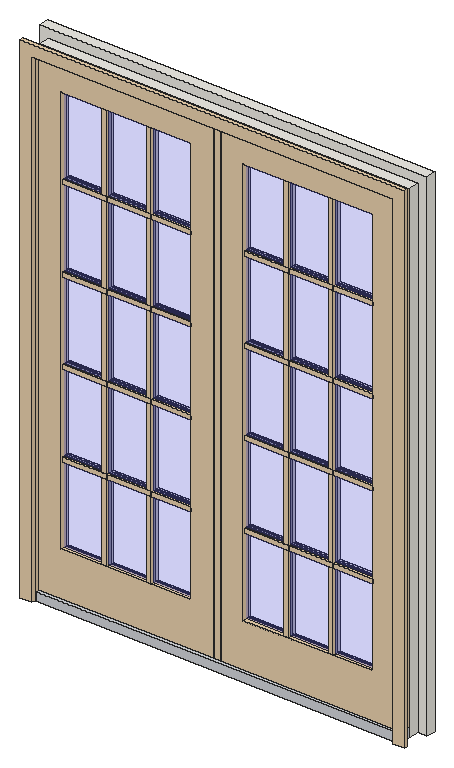
Revit family "Door-Inswing-Andersen-A_Series-Double 2", category Doors, host Wall, Revit 2013
Parameters
  Visual Light Transmittance = 0.37  # constant formula
  Type Comments = "Fiberglass-clad and Flexacron finished wood single door"  # constant formula
  Thermal Resistance (R) = 0.58703  # 3.3333 (h·ft²·°F)/BTU
  Solar Heat Gain Coefficient = 0.16  # constant formula
  Rough Width = Width + (Rough Opening Offset * 2)  # 6' - 0.7502"
  Rough Height = if(1 > 0, Height + 0' 0 1/2", 0' 0")  # 8' - 0 1/2"
  Learn About These Parameters = "http://www.andersenwindows.com/for-professionals/cad-symbols-bim-support-window-doors/bim-support"
  Heat Transfer Coefficient (U) = 1.7035  # 0.3000 BTU/(h·ft²·°F)
  Grille Bar Sizes = "3/4'', 7/8'', 1 1/8'', 2 1/4''"  # constant formula
  CGO = 0' - 5 1/8"  # constant formula
  Between Glass Grille Bar Sizes = "3/4'', 1''"  # constant formula
  Interior Trim Visibility = yes
  Grille Bar Size = 0' - 0 7/8"
  Enter Pattern Number = 1
  Analytic Construction = "<None>"
  ..Pattern Number 1 = "Colonial"  # constant formula
  . . Lights Wide = 3
  . . Lights High = 5
  ..Pattern Number 2 = "Modified Colonial"  # constant formula
  ..Pattern Number 3 = "Prairie"  # constant formula
  ..Pattern Number 4 = "Short Fractional"  # constant formula
  ..Pattern Number 5 = "Tall Fractional"  # constant formula
  Extension Jamb Visibility = yes
  Enter Exterior Trim Number = 1
  ..Exterior Trim Number 0 = "No Exterior Trim"  # constant formula
  ..Exterior Trim Number 1 = "Brick Mould"  # constant formula
  ..Exterior Trim Number 2 = "3 1/2'' Flat Casing"  # constant formula
  ..Exterior Trim Number 3 = "4 1/2'' Flat Casing"  # constant formula
  Interior Grille Bar Visibility = yes
  Exterior Grille Bar Visibility = yes
  Between Glass Grille Bar Visibility = yes
  xjamb Visibility [instance] = and(Extension Jamb Visibility, or(and(Wall Depth > 0' 4 9/16", Wall Depth < 0' 6 9/16"), Wall Depth > 0' 6 9/16"))  # no
  xjamb S1 [instance] = if(Wall Depth < 0' 4 5/8", 0' 0 1/16", if(Wall Depth = 0' 6 9/16", 0' 0 1/16", 0' 0"))  # 0' - 0 1/16"
  casingS2 = if(Enter Exterior Trim Number = 1, 0' 0 3/16", 0' 0 3/16")  # 0' - 0 3/16"
  casingS1 = if(Enter Exterior Trim Number = 1, 0' 0 7/16", 0' 0 3/16")  # 0' - 0 7/16"
  casing4 = if(Enter Exterior Trim Number = 1, 0' 1 3/4", if(Enter Exterior Trim Number = 2, 0' 3 1/4", 0' 4 1/4"))  # 0' - 1 3/4"
  casing3 = 0' - 0 1/2"  # constant formula
  casing2 = 0' - 0 7/8"  # constant formula
  casing1 = 0' - 0 1/4"  # constant formula
  Wall Thickness [instance] = 0' - 8"
  Wall Depth [instance] = 0' - 4 9/16"
  Void Offset 1 [instance] = if(Enter Exterior Trim Number > 0, casing4, 0' 0")  # 0' - 1 3/4"
  Void Depth [instance] = if(Wall Thickness > Wall Depth, 0' 1" + Wall Thickness - Wall Depth, 0' 1")  # 0' - 4 7/16"
  VGB DLO = if(Enter Pattern Number = 3, 0' 4", (H DLO - (Grille Bar Size * (V Bars))) / if(LWide > 2, LWide, 3))  # 0' - 7.83337"
  V Bars = if(Enter Pattern Number = 3, 2, if(LWide > 2, LWide - 1, 2))  # 2
  URL = "www.andersenwindows.com"
  TS V DLO = Height - HGO - SGO  # 6' - 7 7/8"
  TS V Bar Length = if(or(Enter Pattern Number = 5, Enter Pattern Number = 2), ((((Height - HGO - SGO - (Grille Bar Size * (Fractional Lights High - 1))) / Fractional Lights High)) * TFL) + (TFB * Grille Bar Size), if(Enter Pattern Number = 4, ((Height - HGO - SGO - (Grille Bar Size * (Fractional Lights High - 1))) / Fractional Lights High), Height - HGO - SGO))  # 6' - 7 7/8"
  TS SH DLO = if(or(Enter Pattern Number = 5, Enter Pattern Number = 2), ((((Height - HGO - SGO - (Grille Bar Size * (Fractional Lights High - 1))) / Fractional Lights High)) * TFL) + (TFB * Grille Bar Size) + HGO + (Grille Bar Size / 2), if(Enter Pattern Number = 4, TS V Bar Length + HGO + (Grille Bar Size / 2), (TS V DLO / 2) + HGO))  # 3' - 9 9/16"
  TS S V = or(and(LWide = 2, Enter Pattern Number = 1), and(Fractional Lights Wide = 2, or(or(Enter Pattern Number = 2, Enter Pattern Number = 4), Enter Pattern Number = 5)))  # no
  TS S H Craftsman = and(Enter Pattern Number = 2, or(Fractional Lights High = 4, Fractional Lights High = 5))  # no
  TS S H = or(or(or(and(. . Lights High = 2, Enter Pattern Number = 1), and(Enter Pattern Number = 4, Fractional Lights High > 1)), and(Enter Pattern Number = 5, Fractional Lights High > 1)), and(Enter Pattern Number = 2, Fractional Lights High > 1))  # no
  TS M V = or(or(or(or(or(and(LWide > 2, Enter Pattern Number = 1), and(LWide > 2, Enter Pattern Number = 2)), Enter Pattern Number = 3), Enter Pattern Number = 4), Enter Pattern Number = 5), and(LWide > 2, Enter Pattern Number = 6))  # yes
  TS M H = or(or(Enter Pattern Number = 3, and(. . Lights High > 2, Enter Pattern Number = 1)), and(Enter Pattern Number = 2, Fractional Lights High > 5))  # yes
  TS HGB DLO = if(Enter Pattern Number = 1, if(. . Lights High > 2, ((TS V Bar Length - (Grille Bar Size * (. . Lights High - 1))) / . . Lights High), 0' 4"), if(Enter Pattern Number = 3, 0' 4", if(Fractional Lights High > 2, ((TS V Bar Length - (Grille Bar Size * 2)) / 3), 0' 4")))  # 1' - 3.275"
  TS H Bars = if(Enter Pattern Number = 3, 2, if(Enter Pattern Number = 1, if(. . Lights High > 2, . . Lights High - 1, 2), 2))  # 4
  TFL = if(Fractional Lights High > 5, 3, if(or(Fractional Lights High = 4, Fractional Lights High = 5), 2, if(or(Fractional Lights High = 2, Fractional Lights High = 3), 1, 1)))  # 3
  TFB = TFL - 1  # 2
  Sill Interior Offset [instance] = 0' - 0"  # constant formula
  Sill Height [instance] = 0' - 1 11/16"  # constant formula
  Rough Opening Offset = 0' - 0 3/8"
  Panel Bottom Inset [instance] = 0' - 1 7/8"  # constant formula
  Sill Depth [instance] = 0' - 6 7/32"  # constant formula
  SGO = 0' - 10 1/2"  # constant formula
  Product Documentation Link = "http://www.andersenwindows.com/products/a-series-hinged-patio-door/"
  Panel Width = (Width / 2) - 0' 0 11/16" - 0' 1 3/16"  # 2' - 10.1251"
  Panel Height [instance] = CTRL Height - 0' 1 3/16" - Panel Bottom Inset  # 7' - 8 15/16"
  Nail Fin Visibility = Enter Exterior Trim Number = 0  # no
  Model = "A-Series"  # constant formula
  Masonry Width = if(Enter Exterior Trim Number > 0, Width + ((casing4 + Masonry Opening Offset) * 2), Width + (Masonry Opening Offset * 2))  # 6' - 4.2502"
  Masonry Opening Offset = 0' - 0 3/8"
  Masonry Height = if(Enter Exterior Trim Number > 0, Height + (casing4 + 0' 0 1/2"), Height + 0' 0 1/2")  # 8' - 2 1/4"
  Manufacturer = "Andersen Corporation"  # constant formula
  LWide = if(Enter Pattern Number = 3, 3, if(Enter Pattern Number = 1, . . Lights Wide, Fractional Lights Wide))  # 3
  JGO = 0' - 5 5/8"  # constant formula
  Is Outswing = 1 = 1  # yes
  Interior Unit Finish = Wood - Andersen - Pine
  Interior Trim Size = 0' - 2 1/4"
  HGO = 0' - 5 5/8"  # constant formula
  H DLO = (Width / 2) - (JGO + CGO)  # 2' - 1.2501"
  Glazing Material = Glass ‐ Andersen - Low-E4 SmartSun
  Function = Exterior
  Height = 8' - 0"
  Wall Closure = By host
  Width = 6' - 0.0002"
  Frame Interior Inset [instance] = 0' - 0"  # constant formula
  Frame Depth [instance] = if(Wall Depth > 0' 6 1/2", 0' 7 7/8", 0' 5 7/8")  # 0' - 5 7/8"
  Fractional Lights Wide = 4
  Fractional Lights High = 6
  Family Version = "01.01.15"  # constant formula
  Exterior Unit Finish = Fiberglass - Andersen - White
  Exterior Trim Finish = Fibrex Composite - Andersen - White
  Designation = "FWHID"
  Description = "Fiberglass-clad and Flexacron finished wood single door"  # constant formula
  Coarse Plan [instance] = if(Wall Depth > Wall Thickness, Wall Thickness, Wall Depth)  # 0' - 4 9/16"
  Casing Visibility [instance] = Enter Exterior Trim Number > 0  # yes
  CTRL Height [instance] = Height  # 8' - 0"
  Between Glass Grille Bar Finish = Stainless Steel - Andersen - Standard
  BS V DLO = Height - HGO - SGO  # 6' - 7 7/8"
  BS SH DLO = if(Enter Pattern Number = 5, SGO + 0' 4" + (Grille Bar Size / 2), (BS V DLO / 2) + SGO)  # 4' - 2 7/16"
  BS S V = and(LWide = 2, Enter Pattern Number = 1)  # no
  BS M V = or(or(and(LWide > 2, Enter Pattern Number = 1), Enter Pattern Number = 3), Enter Pattern Number = 5)  # yes
  Assembly Code = "B2030100"
Reference planes (in)
  plane 1 "Center (Front/Back)": y = 0
  plane 2 "Center (Left/Right)": x = 0
  plane 3 "R Frame": x = -36.0001
  plane 4 "L Frame": x = 36.0001
  plane 5 "T Frame": z = 96
  plane 6 "Wall S1": y = 4
  plane 7 "Wall S2": y = -4
  plane 8 "Interior Casing": y = -4.625
  plane 9 "Frame S2": y = -4
  plane 10 "Flange": y = 0.5625
  plane 11 "Casing S2": y = 2.0625
  plane 12 "Casing S1": y = 2.3125
  plane 13 "Exterior Offset": y = 5
  plane 14 "R Rough Opening": x = -36.3751
  plane 15 "R Casing 1": x = -35.7501
  plane 16 "R Casing 2": x = -36.8751
  plane 17 "R Casing 3": x = -37.2501
  plane 18 "R Casing 4": x = -37.7501
  plane 19 "R Masonry Opening": x = -38.1251
  plane 20 "L Masonry Opening": x = 38.1251
  plane 21 "L Casing 4": x = 37.7501
  plane 22 "L Casing 3": x = 37.2501
  plane 23 "L Casing 2": x = 36.8751
  plane 24 "L Casing 1": x = 35.7501
  plane 25 "L Rough Opening": x = 36.3751
  plane 26 "T Rough Opening": z = 96.5
  plane 27 "T Casing 1": z = 95.75
  plane 28 "T Casing 2": z = 96.875
  plane 29 "T Casing 3": z = 97.25
  plane 30 "T Casing 4": z = 97.75
  plane 31 "T Masonry Opening": z = 98.25
  plane 32 "R Int Casing": x = -37.5001
  plane 33 "R Xjamb 2": x = -35.8751
  plane 34 "R Ext Frame": x = -35.2501
  plane 35 "L Int Casing": x = 37.5001
  plane 36 "L Xjamb 2": x = 35.8751
  plane 37 "L Ext Frame": x = 35.2501
  plane 38 "T Int Casing": z = 97.5
  plane 39 "T Xjamb 2": z = 95.875
  plane 40 "T Ext Frame": z = 95.25
  plane 41 "Left L Panel": x = 34.8126
  plane 42 "Left R Panel": x = 0.6875
  plane 43 "T Panel": z = 94.8125
  plane 44 "B Panel": z = 1.875
  plane 45 "B Glazing": z = 10.5
  plane 46 "T Glazing": z = 90.375
  plane 47 "Left L Glazing": x = 30.3751
  plane 48 "Left R Glazing": x = 5.125
  plane 49 "Panel1 S1": y = -1.81238
  plane 50 "Panel1 S2": y = -3.53138
  plane 51 "Xjamb S1": y = -3.9375
  plane 52 "Frame S1": y = 1.875
  plane 53 "L Stop": x = 33.89531
  plane 54 "R Stop": x = -33.89531
  plane 55 "T Stop": z = 93.90223
  plane 56 "Sill Height": z = 1.6875
  plane 57 "Glass1 S1": y = -2.22528
  plane 58 "Glass1 S3": y = -2.86638
  plane 59 "Glass1 S2": y = -2.35028
  plane 60 "Glass1 S4": y = -2.99138
  plane 61 "Vert Bar length": z = 10.5
  plane 62 "L Xjamb 1": x = 35.2501
  plane 63 "R Xjamb S1": x = -35.2501
  plane 64 "T Xjamb S1": z = 95.25
  plane 65 "R Int Frame": x = -34.96885
  plane 66 "L Int Frame": x = 34.96885
  plane 67 "Frame S1.1": y = 0.6795
  plane 68 "Int Stop": y = -3.80858
  plane 69 "T Int Frame": z = 94.96875
  plane 70 "B Ext Frame": z = 0.748
  plane 71 "B Stop": z = 2.45642
  plane 72 "Sill S1": y = 2.205
  plane 73 "Handing": z = 48.34375
  plane 74 "R Ext Frame 2": x = -34.7501
  plane 75 "Stop S1": y = -1.1565
  plane 76 "L Ext Frame 2": x = 34.7501
  plane 77 "T Ext Frame 2": z = 94.75
  plane 78 "Left Center of Panel": x = 17.75005
  plane 79 "Right R Panel": x = -34.8126
  plane 80 "Right R Glasing": x = -30.3751
  plane 81 "Right L Glazing": x = -5.125
  plane 82 "Right L Panel": x = -0.6875
  plane 83 "Right Center of Panel": x = -17.75005
  plane 84 "R Astragal": x = -1.5
  plane 85 "L Astragal": x = 1.5
Forms (in)
  Extrusion 1, void
    sketch origin (0, 0, 0) x (1, 0, 0) y (0, 0, 1)
      loop
        line (36.0001, 96) -> (-36.0001, 96) -> (-36.0001, 0) -> (36.0001, 0) -> (36.0001, 96)
    from -0.5625 to 4
  Extrusion 2, void
    sketch origin (0, 0, 0) x (1, 0, 0) y (0, 0, 1)
      loop
        line (37.7501, 97.75) -> (-37.7501, 97.75) -> (-37.7501, 0) -> (37.7501, 0) -> (37.7501, 97.75)
    from -30 to -0.5625
  Sweep 3, solid, material "Fibrex Composite - Andersen - White" <- "Exterior Trim Finish", visible <- "Casing Visibility", detail levels medium+fine
    path origin (0, 0.5625, 0) x (-1, 0, 0) y (0, 0, 1)
      loop
        line (-37.7501, 0) -> (-37.7501, 97.75) -> (37.7501, 97.75) -> (37.7501, 0)
    profile origin (37.7501, 0.5625, 48.875) x (1, 0, 0) y (0, 1, 0)
      loop
        line (-0.875, 1.5) -> (-2, 1.5) -> (-2, 0) -> (0, 0) -> (0, 1.75) -> (-0.5, 1.75) -> (-0.875, 1.5)
  Extrusion 4, solid, material "Fibrex Composite - Andersen - White" <- "Exterior Trim Finish", visible <- "Casing Visibility", detail levels coarse
    sketch origin (0, 0.5625, 0) x (-1, 0, 0) y (0, 0, 1)
      loop
        line (-35.7501, 95.75) -> (35.7501, 95.75) -> (35.7501, 0) -> (37.7501, 0) -> (37.7501, 97.75) -> (-37.7501, 97.75) -> (-37.7501, 0) -> (-35.7501, 0) -> (-35.7501, 95.75)
    from 0 to 1.4375
  Extrusion 5, solid, material "Wood - Andersen - Pine" <- "Interior Unit Finish", visible <- "Interior Trim Visibility", detail levels fine
    sketch origin (0, 0, 0) x (1, 0, 0) y (0, 0, 1)
      loop
        line (-35.2501, 95.25) -> (35.2501, 95.25) -> (35.2501, 0) -> (37.5001, 0) -> (37.5001, 97.5) -> (-37.5001, 97.5) -> (-37.5001, 0) -> (-35.2501, 0) -> (-35.2501, 95.25)
    from 4 to 4.625
  Extrusion 6, solid, material "Wood - Andersen - Pine" <- "Interior Unit Finish", visible <- "xjamb Visibility", detail levels medium+fine
    sketch origin (0, 0, 0) x (1, 0, 0) y (0, 0, 1)
      loop
        line (-35.8751, 0) -> (-35.2501, 0) -> (-35.2501, 95.25) -> (35.2501, 95.25) -> (35.2501, 0) -> (35.8751, 0) -> (35.8751, 95.875) -> (-35.8751, 95.875) -> (-35.8751, 0)
    from 3.9375 to 4
  Sweep 7, void
    path origin (4.25, 0.5625, 0) x (-1, 0, 0) y (0, 0, 1)
      loop
        line (4.25, 0) -> (4.25, 10.5)
    profile origin (0, 0.5625, 5.25) x (1, 0, 0) y (0, 1, 0)
      loop
        line (36.0001, -2.37488) -> (36.0001, 1.3125) -> (35.2501, 1.3125) -> (35.2501, 0.117) -> (34.7501, 0.117) -> (34.7501, -1.719) -> (33.89531, -1.719) -> (33.89531, -2.37488) -> (36.0001, -2.37488)
      loop
        line (-36.0001, -2.37488) -> (-33.89531, -2.37488) -> (-33.89531, -1.719) -> (-34.7501, -1.719) -> (-34.7501, 0.117) -> (-35.2501, 0.117) -> (-35.2501, 1.3125) -> (-36.0001, 1.3125) -> (-36.0001, -2.37488)
  Sweep 8, solid, material "Fiberglass - Andersen - White" <- "Exterior Unit Finish", detail levels medium+fine
    path in 3D
      loop
        line (36.0001, 0.5625, 0) -> (36.0001, 0.5625, 96) -> (-36.0001, 0.5625, 96) -> (-36.0001, 0.5625, 0)
    profile origin (36.0001, 0.5625, 48) x (1, 0, 0) y (0, 1, 0)
      loop
        line (0, 1.3125) -> (-0.75, 1.3125) -> (-0.75, 0.117) -> (-1.25, 0.117) -> (-1.25, -1.719) -> (-2.10479, -1.719) -> (-2.10479, -2.37488) -> (0, -2.37488) -> (0, 1.3125)
  Sweep 9, solid, material "Wood - Andersen - Pine" <- "Interior Unit Finish"
    path in 3D
      loop
        line (36.0001, 0.5625, 0) -> (36.0001, 0.5625, 96) -> (-36.0001, 0.5625, 96) -> (-36.0001, 0.5625, 0)
    profile origin (36.0001, 0.5625, 48) x (1, 0, 0) y (0, 1, 0)
      loop
        line (0, -2.37488) -> (-1.03125, -2.37488) -> (-1.03125, -4.5625) -> (0, -4.5625) -> (0, -2.37488)
  Extrusion 10, solid, material "Fiberglass - Andersen - White" <- "Exterior Unit Finish"
    sketch origin (0, 0.5625, 0) x (-1, 0, 0) y (0, 0, 1)
      loop
        line (-34.8126, 94.8125) -> (-34.8126, 1.875) -> (-0.6875, 1.875) -> (-0.6875, 94.8125) -> (-34.8126, 94.8125)
      loop
        line (-30.3751, 90.375) -> (-30.3751, 10.5) -> (-5.125, 10.5) -> (-5.125, 90.375) -> (-30.3751, 90.375)
    from -2.78778 to -2.37488
  Extrusion 11, solid, material "Wood - Andersen - Pine" <- "Interior Unit Finish"
    sketch origin (0, 0.5625, 0) x (-1, 0, 0) y (0, 0, 1)
      loop
        line (-34.8126, 94.8125) -> (-34.8126, 1.875) -> (-0.6875, 1.875) -> (-0.6875, 94.8125) -> (-34.8126, 94.8125)
      loop
        line (-30.3751, 90.375) -> (-30.3751, 10.5) -> (-5.125, 10.5) -> (-5.125, 90.375) -> (-30.3751, 90.375)
    from -4.09388 to -2.78778
  Extrusion 12, solid, material "Glass ‐ Andersen - Low-E4 SmartSun" <- "Glazing Material"
    sketch origin (0, 0.5625, 0) x (-1, 0, 0) y (0, 0, 1)
      loop
        line (-30.3751, 90.375) -> (-30.3751, 10.5) -> (-5.125, 10.5) -> (-5.125, 90.375) -> (-30.3751, 90.375)
    from -3.55388 to -2.78778
  Extrusion 13, solid, detail levels coarse
    sketch origin (0, 0, 0) x (0, 1, 0) y (0, 0, 1)
      loop
        line (1.875, 1.875) -> (-2.22528, 1.875) -> (-2.22528, 0) -> (1.875, 0) -> (1.875, 1.875)
    from -36.0001 to 36.0001
  Extrusion 14, solid, detail levels medium+fine
    sketch origin (0, 0, 0) x (0, 1, 0) y (0, 0, 1)
      loop
        line (2.205, 0.748) -> (0.6795, 0.748) -> (0.6795, 1.6875) -> (-1.81238, 1.6875) -> (-1.81238, 1.875) -> (-2.22528, 1.875) -> (-2.22528, 0) -> (2.205, 0) -> (2.205, 0.748)
    from -36.0001 to 36.0001
  Extrusion 15, solid
    sketch origin (0, 0, 0) x (0, 1, 0) y (0, 0, 1)
      loop
        line (-2.22528, 1.6875) -> (-4, 1.6875) -> (-4, 0) -> (-2.22528, 0) -> (-2.22528, 1.6875)
    from -36.0001 to 36.0001
  Extrusion 16, solid, material "Fiberglass - Andersen - White" <- "Exterior Unit Finish", detail levels coarse
    sketch origin (0, 0.5625, 0) x (-1, 0, 0) y (0, 0, 1)
      loop
        line (-36.0001, 96) -> (-36.0001, 1.875) -> (-33.89531, 1.875) -> (-33.89531, 93.90223) -> (33.89531, 93.90223) -> (33.89531, 1.875) -> (36.0001, 1.875) -> (36.0001, 96) -> (-36.0001, 96)
    from -2.37488 to 1.3125
  Extrusion 17, solid, material "Fiberglass - Andersen - White" <- "Exterior Unit Finish"
    sketch origin (-204, 0.5625, 0) x (-1, 0, 0) y (0, 0, 1)
      loop
        line (-203.3125, 94.8125) -> (-203.3125, 1.875) -> (-169.1874, 1.875) -> (-169.1874, 94.8125) -> (-203.3125, 94.8125)
      loop
        line (-198.875, 90.375) -> (-198.875, 10.5) -> (-173.6249, 10.5) -> (-173.6249, 90.375) -> (-198.875, 90.375)
    from -2.78778 to -2.37488
  Extrusion 18, solid, material "Wood - Andersen - Pine" <- "Interior Unit Finish"
    sketch origin (-204, 0.5625, 0) x (-1, 0, 0) y (0, 0, 1)
      loop
        line (-203.3125, 94.8125) -> (-203.3125, 1.875) -> (-169.1874, 1.875) -> (-169.1874, 94.8125) -> (-203.3125, 94.8125)
      loop
        line (-198.875, 90.375) -> (-198.875, 10.5) -> (-173.6249, 10.5) -> (-173.6249, 90.375) -> (-198.875, 90.375)
    from -4.09388 to -2.78778
  Extrusion 19, solid, material "Glass ‐ Andersen - Low-E4 SmartSun" <- "Glazing Material"
    sketch origin (-204, 0.5625, 0) x (-1, 0, 0) y (0, 0, 1)
      loop
        line (-198.875, 90.375) -> (-198.875, 10.5) -> (-173.6249, 10.5) -> (-173.6249, 90.375) -> (-198.875, 90.375)
    from -3.55388 to -2.78778
  Extrusion 20, solid, material "Fiberglass - Andersen - White" <- "Exterior Unit Finish"
    sketch origin (0, 0, 0) x (1, 0, 0) y (0, 1, 0)
      loop
        line (-1.5, -1.81238) -> (1.5, -1.81238) -> (1.5, -0.81238) -> (0.6875, -0.31238) -> (-0.6875, -0.31238) -> (-1.5, -0.81238) -> (-1.5, -1.81238)
    from 1.875 to 93.90223
  Extrusion 21, solid, material "Wood - Andersen - Pine" <- "Interior Unit Finish"
    sketch origin (0, 0, 0) x (1, 0, 0) y (0, 1, 0)
      loop
        line (-0.6875, -1.81238) -> (-0.6875, -3.53138) -> (0.6875, -3.53138) -> (0.6875, -1.81238) -> (-0.6875, -1.81238)
    from 1.875 to 94.8125
Cuts and joins
  Sweep 7 cuts Extrusion 14
Lines and regions (in)
  Masking region 1, visible <- "Casing Visibility"
    outline origin (0, 0, 0) x (0, 1, 0) y (0, 0, 1)
      loop
        line (0.5625, 96) -> (1.875, 96) -> (1.875, 0) -> (2.3125, 0) -> (2.3125, 97.75) -> (0.5625, 97.75) -> (0.5625, 96)
  Masking region 2
    outline origin (0, 0, 0) x (0, 1, 0) y (0, 0, 1)
      loop
        line (1.875, 96) -> (-4, 96) -> (-4, 0) -> (2.205, 0) -> (2.205, 0.748) -> (1.875, 0.748) -> (1.875, 96)
  Masking region 3, visible <- "Casing Visibility", detail levels fine
    outline origin (0, 0, 0) x (1, 0, 0) y (0, 1, 0)
      loop
        line (-37.2501, 2.3125) -> (-37.7501, 2.3125) -> (-37.7501, 0.5625) -> (-36.0001, 0.5625) -> (-36.0001, 1.875) -> (-35.7501, 1.875) -> (-35.7501, 2.0625) -> (-36.8751, 2.0625) -> (-37.2501, 2.3125)
  Masking region 4, visible <- "Casing Visibility", detail levels fine
    outline origin (0, 0, 0) x (1, 0, 0) y (0, 1, 0)
      loop
        line (37.2501, 2.3125) -> (36.8751, 2.0625) -> (35.7501, 2.0625) -> (35.7501, 1.875) -> (36.0001, 1.875) -> (36.0001, 0.5625) -> (37.7501, 0.5625) -> (37.7501, 2.3125) -> (37.2501, 2.3125)
  Masking region 5, visible <- "Casing Visibility", detail levels coarse+medium
    outline origin (0, 0, 0) x (1, 0, 0) y (0, 1, 0)
      loop
        line (-37.7501, 2.3125) -> (-37.7501, 0.5625) -> (-36.0001, 0.5625) -> (-36.0001, 2.3125) -> (-37.7501, 2.3125)
  Masking region 6, visible <- "Casing Visibility", detail levels coarse+medium
    outline origin (0, 0, 0) x (1, 0, 0) y (0, 1, 0)
      loop
        line (36.0001, 2.3125) -> (36.0001, 0.5625) -> (37.7501, 0.5625) -> (37.7501, 2.3125) -> (36.0001, 2.3125)
  Masking region 7, visible <- "Casing Visibility"
    outline origin (0, 2.625, 0) x (-1, 0, 0) y (0, 0, 1)
      loop
        line (-37.7501, 97.75) -> (-37.7501, 0) -> (-36.0001, 0) -> (-36.0001, 96) -> (36.0001, 96) -> (36.0001, 0) -> (37.7501, 0) -> (37.7501, 97.75) -> (-37.7501, 97.75)
  Masking region 8, visible <- "Interior Trim Visibility", detail levels fine
    outline origin (0, -4.625, 0) x (-1, 0, 0) y (0, 0, 1)
      loop
        line (-37.5001, 97.5) -> (-37.5001, 0) -> (-35.2501, 0) -> (-35.2501, 95.25) -> (35.2501, 95.25) -> (35.2501, 0) -> (37.5001, 0) -> (37.5001, 97.5) -> (-37.5001, 97.5)
  Masking region 9
    outline origin (0, 0.6795, 0) x (-1, 0, 0) y (0, 0, 1)
      loop
        line (-36.0001, 96) -> (-36.0001, 0) -> (36.0001, 0) -> (36.0001, 96) -> (-36.0001, 96)
      loop
        line (-33.89531, 93.90223) -> (-33.89531, 1.875) -> (-1.5, 1.875) -> (-1.5, 93.90223) -> (-33.89531, 93.90223)
      loop
        line (1.5, 93.90223) -> (1.5, 1.875) -> (33.89531, 1.875) -> (33.89531, 93.90223) -> (1.5, 93.90223)
  Masking region 10
    outline origin (0, -1.81238, 0) x (-1, 0, 0) y (0, 0, 1)
      loop
        line (-34.8126, 94.8125) -> (-34.8126, 1.875) -> (-0.6875, 1.875) -> (-0.6875, 94.8125) -> (-34.8126, 94.8125)
  Masking region 11, visible <- "Interior Trim Visibility", detail levels fine
    outline origin (0, 0, 0) x (1, 0, 0) y (0, 1, 0)
      loop
        line (-37.5001, -4) -> (-37.5001, -4.625) -> (-35.2501, -4.625) -> (-35.2501, -4) -> (-37.5001, -4)
  Masking region 12, visible <- "xjamb Visibility", detail levels medium+fine
    outline origin (0, 0, 0) x (1, 0, 0) y (0, 1, 0)
      loop
        line (-35.8751, -3.9375) -> (-35.8751, -4) -> (-35.2501, -4) -> (-35.2501, -3.9375) -> (-35.8751, -3.9375)
  Masking region 13, visible <- "Interior Trim Visibility", detail levels fine
    outline origin (0, 0, 0) x (1, 0, 0) y (0, 1, 0)
      loop
        line (35.2501, -4) -> (35.2501, -4.625) -> (37.5001, -4.625) -> (37.5001, -4) -> (35.2501, -4)
  Masking region 14, visible <- "xjamb Visibility", detail levels medium+fine
    outline origin (0, 0, 0) x (1, 0, 0) y (0, 1, 0)
      loop
        line (35.2501, -3.9375) -> (35.2501, -4) -> (35.8751, -4) -> (35.8751, -3.9375) -> (35.2501, -3.9375)
  Masking region 15, visible <- "xjamb Visibility", detail levels medium+fine
    outline origin (0, 0, 0) x (0, 1, 0) y (0, 0, 1)
      loop
        line (-3.9375, 95.875) -> (-4, 95.875) -> (-4, 0) -> (-3.9375, 0) -> (-3.9375, 95.875)
  Masking region 16, visible <- "Interior Trim Visibility", detail levels fine
    outline origin (0, 0, 0) x (0, 1, 0) y (0, 0, 1)
      loop
        line (-4, 97.5) -> (-4.625, 97.5) -> (-4.625, 0) -> (-4, 0) -> (-4, 97.5)
  Masking region 17
    outline origin (0, 0, 0) x (1, 0, 0) y (0, 1, 0)
      loop
        line (-36.0001, 1.875) -> (-36.0001, -4) -> (36.0001, -4) -> (36.0001, 1.875) -> (-36.0001, 1.875)
  Masking region 18
    outline origin (0, -1.81238, 0) x (-1, 0, 0) y (0, 0, 1)
      loop
        line (0.6875, 94.8125) -> (0.6875, 1.875) -> (34.8126, 1.875) -> (34.8126, 94.8125) -> (0.6875, 94.8125)
  symbolic lines, style "DoorsFrameMullionProjection", visible <- "Casing Visibility", detail levels medium+fine
    curve 1: line (0, 2.3125, 97.25) -> (0, 2.0625, 96.875)
    curve 2: line (0, 2.0625, 96.875) -> (0, 2.0625, 95.75)
    curve 3: line (0, 2.0625, 95.75) -> (0, 1.875, 95.75)
  symbolic lines, style "DoorsFrameMullionProjection", detail levels coarse
    curve 4: line (0, 1.875, 96) -> (0, 2.3125, 96)
    curve 68: line (-34.96885, 1.875, 0) -> (-34.96885, -4, 0)
    curve 69: line (34.96885, 1.875, 0) -> (34.96885, -4, 0)
  symbolic lines, style "DoorsFrameMullionProjection", visible <- "Nail Fin Visibility", detail levels medium+fine
    curve 5: line (37.62505, 0.5625, 0) -> (36.0001, 0.5625, 0)
    curve 6: line (0, 0.5625, 96.34025) -> (0, 0.5625, 96)
  symbolic lines, style "DoorsGlassProjection", detail levels fine
    curve 7: line (0, -2.86638, 10.5) -> (0, -2.86638, 90.375)
    curve 8: line (0, -2.35028, 10.5) -> (0, -2.35028, 90.375)
    curve 11: line (30.3751, -2.35028, 0) -> (5.125, -2.35028, 0)
    curve 12: line (30.3751, -2.86638, 0) -> (5.125, -2.86638, 0)
    curve 78: line (4.3595, -2.86638, 0) -> (5.125, -2.86638, 0)
    curve 79: line (5.125, -2.35028, 0) -> (4.3595, -2.35028, 0)
    curve 80: line (5, -2.35028, 0) -> (5, -2.86638, 0)
    curve 107: line (-4.3595, -2.86638, 0) -> (-5.125, -2.86638, 0)
    curve 108: line (-5.125, -2.35028, 0) -> (-4.3595, -2.35028, 0)
    curve 109: line (-5, -2.35028, 0) -> (-5, -2.86638, 0)
    curve 122: line (-5.125, -2.35028, 0) -> (-30.3751, -2.35028, 0)
    curve 123: line (-5.125, -2.86638, 0) -> (-30.3751, -2.86638, 0)
    curve 166: line (-31.1406, -2.86588, 0) -> (-30.3751, -2.86588, 0)
    curve 167: line (-30.3751, -2.34978, 0) -> (-31.1406, -2.34978, 0)
    curve 168: line (-30.5001, -2.34978, 0) -> (-30.5001, -2.86588, 0)
    curve 192: line (31.1406, -2.86588, 0) -> (30.3751, -2.86588, 0)
    curve 193: line (30.3751, -2.34978, 0) -> (31.1406, -2.34978, 0)
    curve 194: line (30.5001, -2.34978, 0) -> (30.5001, -2.86588, 0)
    curve 205: line (0, -2.86588, 90.5) -> (0, -2.34978, 90.5)
    curve 206: line (0, -2.86588, 91.125) -> (0, -2.86588, 90.375)
    curve 207: line (0, -2.34978, 91.125) -> (0, -2.34978, 90.375)
    curve 233: line (0, -2.86713, 10.375) -> (0, -2.35104, 10.375)
    curve 234: line (0, -2.86713, 9.75) -> (0, -2.86713, 10.5)
    curve 235: line (0, -2.35104, 9.75) -> (0, -2.35104, 10.5)
  symbolic lines, style "DoorsGlassProjection"
    curve 9: line (0, -2.99138, 10.5) -> (0, -2.99138, 90.375)
    curve 10: line (0, -2.22528, 10.5) -> (0, -2.22528, 90.375)
  symbolic lines, style "DoorsGlassProjection", detail levels medium+fine
    curve 13: line (30.3751, -2.22528, 0) -> (5.125, -2.22528, 0)
    curve 14: line (30.3751, -2.99138, 0) -> (5.125, -2.99138, 0)
    curve 124: line (-5.125, -2.22528, 0) -> (-30.3751, -2.22528, 0)
    curve 125: line (-5.125, -2.99138, 0) -> (-30.3751, -2.99138, 0)
  symbolic lines, style "DoorsPanelProjection"
    curve 15: line (30.3751, -1.81238, 90.375) -> (5.125, -1.81238, 90.375)
    curve 16: line (30.3751, -1.81238, 10.5) -> (30.3751, -1.81238, 90.375)
    curve 17: line (5.125, -1.81238, 10.5) -> (30.3751, -1.81238, 10.5)
    curve 18: line (5.125, -1.81238, 90.375) -> (5.125, -1.81238, 10.5)
    curve 99: line (-5.125, -1.81238, 90.375) -> (-30.3751, -1.81238, 90.375)
    curve 100: line (-5.125, -1.81238, 10.5) -> (-5.125, -1.81238, 90.375)
    curve 101: line (-30.3751, -1.81238, 10.5) -> (-5.125, -1.81238, 10.5)
    curve 102: line (-30.3751, -1.81238, 90.375) -> (-30.3751, -1.81238, 10.5)
  symbolic lines, style "DoorsFrameMullionProjection", visible <- "xjamb Visibility", detail levels medium+fine
    curve 19: line (0, -3.9375, 95.25) -> (0, -4, 95.25)
  symbolic lines, style "DoorsFrameMullionProjection", visible <- "Interior Trim Visibility", detail levels fine
    curve 20: line (0, -4, 95.25) -> (0, -4.625, 95.25)
  symbolic lines, style "DoorsFrameMullionProjection"
    curve 21: line (0, 0.5625, 97.625) -> (0, 0.5625, 96)
    curve 22: line (0, 1.5605, 95.516) -> (0, 1.8745, 95.516)
    curve 23: line (0, 1.5605, 95.25) -> (0, 1.5605, 95.516)
    curve 24: line (0, 1.5605, 95.25) -> (0, 0.6795, 95.25)
    curve 25: line (0, 0.6795, 94.75) -> (0, 0.6795, 95.25)
    curve 31: line (0, 0.68037, 0.8279) -> (0, 2.205, 0.748)
    curve 32: line (0, 2.205, 0.748) -> (0, 2.205, 0)
    curve 66: line (-34.96885, -1.81238, 0) -> (-0.6875, -1.81238, 0)
    curve 67: line (-34.96885, -3.53138, 0) -> (-0.6875, -3.53138, 0)
    curve 70: line (0, -1.81238, 93.90223) -> (0, -1.81238, 2.45642)
    curve 71: line (0, -3.53138, 94.96875) -> (0, -3.53138, 1.6875)
    curve 117: line (0.6875, -1.81238, 0) -> (34.96885, -1.81238, 0)
    curve 118: line (0.6875, -3.53138, 0) -> (34.96885, -3.53138, 0)
    curve 119: line (-0.6875, -1.81238, 0) -> (-0.6875, -3.53138, 0)
    curve 121: line (0.6875, -1.81238, 0) -> (0.6875, -3.53138, 0)
    curve 151: line (-1.5, -1.81238, 0) -> (-1.5, -0.81238, 0)
    curve 152: line (1.5, -1.81238, 0) -> (1.5, -0.81238, 0)
    curve 153: line (0.672, -0.31238, 0) -> (-0.6875, -0.31238, 0)
    curve 154: line (-1.5, -0.81238, 0) -> (-0.6875, -0.31238, 0)
    curve 155: line (1.5, -0.81238, 0) -> (0.6875, -0.31238, 0)
    curve 156: line (0.6875, -3.53138, 0) -> (-0.6875, -3.53138, 0)
    curve 164: line (1.5, 0.6795, 93.90223) -> (-1.5, 0.6795, 93.90223)
    curve 165: line (1.5, 0.6795, 1.875) -> (-1.5, 0.6795, 1.875)
    curve 208: line (0, -4, 94.96875) -> (0, -1.81178, 94.96875)
    curve 209: line (0, -1.81178, 93.90223) -> (0, -1.156, 94.27388)
    curve 210: line (0, -1.81178, 93.90223) -> (0, -1.81178, 94.96875)
    curve 211: line (0, -2.13604, 90.375) -> (0, -1.81188, 90.48508)
    curve 212: line (0, -2.22478, 90.375) -> (0, -2.13604, 90.375)
    curve 213: line (0, -2.22478, 91.125) -> (0, -2.22478, 90.375)
    curve 214: line (0, -3.53088, 91.125) -> (0, -2.22478, 91.125)
    curve 215: line (0, -3.07088, 90.375) -> (0, -2.99088, 90.375)
    curve 216: line (0, -3.53088, 90.766) -> (0, -3.07088, 90.375)
    curve 217: line (0, -2.99088, 90.375) -> (0, -2.99088, 91.125)
    curve 218: line (0, -1.156, 94.27388) -> (0, -1.156, 94.75)
    curve 236: line (0, -4, 0) -> (0, -4, 1.6875)
    curve 237: line (0, -4, 1.6875) -> (0, -2.218, 1.6875)
    curve 238: line (0, -2.218, 1.6875) -> (0, -2.218, 2.45642)
    curve 239: line (0, -2.218, 2.15538) -> (0, -1.93822, 2.15538)
    curve 240: line (0, -1.93822, 2.15538) -> (0, -1.77973, 1.55005)
    curve 241: line (0, -1.81228, 2.45642) -> (0, -2.218, 2.45642)
    curve 242: line (0, -2.13679, 10.5) -> (0, -1.81263, 10.38992)
    curve 243: line (0, -2.22554, 10.5) -> (0, -2.13679, 10.5)
    curve 244: line (0, -2.22554, 9.75) -> (0, -2.22554, 10.5)
    curve 245: line (0, -3.53213, 9.75) -> (0, -2.22554, 9.75)
    curve 246: line (0, -2.99163, 9.75) -> (0, -2.99163, 10.5)
    curve 247: line (0, -2.99163, 10.5) -> (0, -3.07163, 10.5)
    curve 248: line (0, -3.07163, 10.5) -> (0, -3.53213, 10.10858)
    curve 265: line (0, -1.77973, 1.55005) -> (0, 0.6795, 1.29693)
    curve 266: line (0, 0.6795, 1.29693) -> (0, 0.6795, 0.82795)
    curve 269: line (0, 0.6795, 94.75) -> (0, -1.1565, 94.75)
  symbolic lines, style "DoorsFrameMullionProjection", not visible
    curve 26: line (0, -7.30228, 74.06559) -> (0, -7.30228, 72.44059)
    curve 27: line (0, -6.30428, 71.95659) -> (0, -5.99028, 71.95659)
    curve 28: line (0, -6.30428, 71.69059) -> (0, -6.30428, 71.95659)
    curve 29: line (0, -6.30428, 71.69059) -> (0, -7.18528, 71.69059)
    curve 30: line (0, -7.18528, 71.19059) -> (0, -7.18528, 71.69059)
    curve 33: line (0, -18.75913, 4.5898) -> (0, -17.2345, 4.5099)
    curve 34: line (0, -17.2345, 4.5099) -> (0, -17.2345, 3.7619)
    curve 148: line (-0.6875, -1.81238, 0) -> (-0.6875, -3.53138, 0)
    curve 150: line (0.6875, -1.81238, 0) -> (0.6875, -3.53138, 0)
    curve 157: line (-1.5, -1.81238, 0) -> (-1.5, -0.81238, 0)
    curve 158: line (1.5, -1.81238, 0) -> (1.5, -0.81238, 0)
    curve 159: line (0.672, -0.31238, 0) -> (-0.6875, -0.31238, 0)
    curve 160: line (-1.5, -0.81238, 0) -> (-0.6875, -0.31238, 0)
    curve 161: line (1.5, -0.81238, 0) -> (0.6875, -0.31238, 0)
    curve 162: line (0.6875, -3.53138, 0) -> (-0.6875, -3.53138, 0)
    curve 222: line (0, -11.17708, 88.60972) -> (0, -8.98886, 88.60972)
    curve 223: line (0, -8.98886, 87.5432) -> (0, -8.33308, 87.91485)
    curve 224: line (0, -8.98886, 87.5432) -> (0, -8.98886, 88.60972)
    curve 225: line (0, -9.31311, 84.01597) -> (0, -8.98896, 84.12605)
    curve 226: line (0, -9.40186, 84.01597) -> (0, -9.31311, 84.01597)
    curve 227: line (0, -9.40186, 84.76597) -> (0, -9.40186, 84.01597)
    curve 228: line (0, -10.70796, 84.76597) -> (0, -9.40186, 84.76597)
    curve 229: line (0, -10.24796, 84.01597) -> (0, -10.16796, 84.01597)
    curve 230: line (0, -10.70796, 84.40697) -> (0, -10.24796, 84.01597)
    curve 231: line (0, -10.16796, 84.01597) -> (0, -10.16796, 84.76597)
    curve 232: line (0, -8.33308, 87.91485) -> (0, -8.33308, 88.39097)
    curve 252: line (0, -20.85119, 3.79439) -> (0, -20.85119, 5.48189)
    curve 253: line (0, -20.85119, 5.48189) -> (0, -19.06919, 5.48189)
    curve 254: line (0, -19.06919, 5.48189) -> (0, -19.06919, 6.25081)
    curve 255: line (0, -19.06919, 5.94977) -> (0, -18.78941, 5.94977)
    curve 256: line (0, -18.78941, 5.94977) -> (0, -18.63092, 5.34444)
    curve 257: line (0, -18.66348, 6.25081) -> (0, -19.06919, 6.25081)
    curve 258: line (0, -18.98798, 14.29439) -> (0, -18.66383, 14.1843)
    curve 259: line (0, -19.07673, 14.29439) -> (0, -18.98798, 14.29439)
    curve 260: line (0, -19.07673, 13.54439) -> (0, -19.07673, 14.29439)
    curve 261: line (0, -20.38333, 13.54439) -> (0, -19.07673, 13.54439)
    curve 262: line (0, -19.84283, 13.54439) -> (0, -19.84283, 14.29439)
    curve 263: line (0, -19.84283, 14.29439) -> (0, -19.92283, 14.29439)
    curve 264: line (0, -19.92283, 14.29439) -> (0, -20.38333, 13.90296)
  symbolic lines, style "DoorsFrameMullionProjection", detail levels medium+fine
    curve 35: line (-37.5501, 0.5625, 0) -> (-36.0001, 0.5625, 0)
    curve 43: line (37.5501, 0.5625, 0) -> (36.0001, 0.5625, 0)
  symbolic lines, style "DoorsFrameMullionProjection", detail levels fine
    curve 36: line (-35.5161, 1.5605, 0) -> (-35.5161, 1.8745, 0)
    curve 37: line (-35.2501, 1.5605, 0) -> (-35.5161, 1.5605, 0)
    curve 38: line (-35.2501, 0.6795, 0) -> (-35.2501, 1.5605, 0)
    curve 44: line (35.5161, 1.5605, 0) -> (35.5161, 1.8745, 0)
    curve 45: line (35.2501, 1.5605, 0) -> (35.5161, 1.5605, 0)
    curve 46: line (35.2501, 0.6795, 0) -> (35.2501, 1.5605, 0)
    curve 74: line (-34.7501, 0.6795, 0) -> (-35.2501, 0.6795, 0)
    curve 76: line (34.7501, 0.6795, 0) -> (35.2501, 0.6795, 0)
    curve 81: line (5.125, -2.18218, 0) -> (4.99942, -1.81238, 0)
    curve 82: line (5.125, -2.22528, 0) -> (5.125, -2.18218, 0)
    curve 83: line (4.3595, -2.22528, 0) -> (5.125, -2.22528, 0)
    curve 84: line (4.3595, -3.53138, 0) -> (4.3595, -2.22528, 0)
    curve 85: line (4.3595, -2.99138, 0) -> (5.125, -2.99138, 0)
    curve 86: line (5.125, -3.05314, 0) -> (4.7185, -3.53138, 0)
    curve 87: line (5.125, -2.99138, 0) -> (5.125, -3.05314, 0)
    curve 110: line (-5.125, -2.18218, 0) -> (-4.99942, -1.81238, 0)
    curve 111: line (-5.125, -2.22528, 0) -> (-5.125, -2.18218, 0)
    curve 112: line (-4.3595, -2.22528, 0) -> (-5.125, -2.22528, 0)
    curve 113: line (-4.3595, -3.53138, 0) -> (-4.3595, -2.22528, 0)
    curve 114: line (-4.3595, -2.99138, 0) -> (-5.125, -2.99138, 0)
    curve 115: line (-5.125, -3.05314, 0) -> (-4.7185, -3.53138, 0)
    curve 116: line (-5.125, -2.99138, 0) -> (-5.125, -3.05314, 0)
    curve 169: line (-33.89531, -1.81188, 0) -> (-34.27398, -1.156, 0)
    curve 170: line (-34.96885, -4, 0) -> (-34.96885, -1.81188, 0)
    curve 171: line (-30.3751, -2.18168, 0) -> (-30.50068, -1.81188, 0)
    curve 172: line (-30.3751, -2.22478, 0) -> (-30.3751, -2.18168, 0)
    curve 173: line (-31.1406, -2.22478, 0) -> (-30.3751, -2.22478, 0)
    curve 174: line (-31.1406, -3.53088, 0) -> (-31.1406, -2.22478, 0)
    curve 175: line (-31.1406, -2.99088, 0) -> (-30.3751, -2.99088, 0)
    curve 176: line (-30.3751, -3.05264, 0) -> (-30.7816, -3.53088, 0)
    curve 177: line (-30.3751, -2.99088, 0) -> (-30.3751, -3.05264, 0)
    curve 178: line (-34.7501, -1.156, 0) -> (-34.27398, -1.156, 0)
    curve 195: line (33.89531, -1.81188, 0) -> (34.27398, -1.156, 0)
    curve 196: line (34.96885, -4, 0) -> (34.96885, -1.81188, 0)
    curve 197: line (30.3751, -2.18168, 0) -> (30.50068, -1.81188, 0)
    curve 198: line (30.3751, -2.22478, 0) -> (30.3751, -2.18168, 0)
    curve 199: line (31.1406, -2.22478, 0) -> (30.3751, -2.22478, 0)
    curve 200: line (31.1406, -3.53088, 0) -> (31.1406, -2.22478, 0)
    curve 201: line (31.1406, -2.99088, 0) -> (30.3751, -2.99088, 0)
    curve 202: line (30.3751, -3.05264, 0) -> (30.7816, -3.53088, 0)
    curve 203: line (30.3751, -2.99088, 0) -> (30.3751, -3.05264, 0)
    curve 204: line (34.7501, -1.156, 0) -> (34.27398, -1.156, 0)
    curve 267: line (-34.7501, 0.6795, 0) -> (-34.7501, -1.1565, 0)
    curve 268: line (34.7501, 0.6795, 0) -> (34.7501, -1.1565, 0)
  symbolic lines, style "DoorsFrameMullionProjection", not visible, detail levels medium+fine
    curve 39: line (29.47212, 10.19686, 0) -> (27.92212, 10.19686, 0)
  symbolic lines, style "DoorsFrameMullionProjection", not visible, detail levels fine
    curve 40: line (27.43812, 11.19486, 0) -> (27.43812, 11.50886, 0)
    curve 41: line (27.17212, 11.19486, 0) -> (27.43812, 11.19486, 0)
    curve 42: line (27.17212, 10.31386, 0) -> (27.17212, 11.19486, 0)
    curve 75: line (26.67212, 10.31386, 0) -> (27.17212, 10.31386, 0)
    curve 91: line (8.62064, -6.50108, 0) -> (8.62064, -8.22008, 0)
    curve 92: line (13.07364, -6.87088, 0) -> (12.94806, -6.50108, 0)
    curve 93: line (13.07364, -6.91399, 0) -> (13.07364, -6.87088, 0)
    curve 94: line (12.30814, -6.91399, 0) -> (13.07364, -6.91399, 0)
    curve 95: line (12.30814, -8.22008, 0) -> (12.30814, -6.91399, 0)
    curve 96: line (12.30814, -7.68008, 0) -> (13.07364, -7.68008, 0)
    curve 97: line (13.07364, -7.74184, 0) -> (12.66714, -8.22008, 0)
    curve 98: line (13.07364, -7.68008, 0) -> (13.07364, -7.74184, 0)
    curve 131: line (5.125, -2.18218, 0) -> (4.99942, -1.81238, 0)
    curve 132: line (5.125, -2.22528, 0) -> (5.125, -2.18218, 0)
    curve 133: line (4.3595, -2.22528, 0) -> (5.125, -2.22528, 0)
    curve 134: line (4.3595, -3.53138, 0) -> (4.3595, -2.22528, 0)
    curve 135: line (4.3595, -2.99138, 0) -> (5.125, -2.99138, 0)
    curve 136: line (5.125, -3.05314, 0) -> (4.7185, -3.53138, 0)
    curve 137: line (5.125, -2.99138, 0) -> (5.125, -3.05314, 0)
    curve 141: line (-5.125, -2.18218, 0) -> (-4.99942, -1.81238, 0)
    curve 142: line (-5.125, -2.22528, 0) -> (-5.125, -2.18218, 0)
    curve 143: line (-4.3595, -2.22528, 0) -> (-5.125, -2.22528, 0)
    curve 144: line (-4.3595, -3.53138, 0) -> (-4.3595, -2.22528, 0)
    curve 145: line (-4.3595, -2.99138, 0) -> (-5.125, -2.99138, 0)
    curve 146: line (-5.125, -3.05314, 0) -> (-4.7185, -3.53138, 0)
    curve 147: line (-5.125, -2.99138, 0) -> (-5.125, -3.05314, 0)
    curve 182: line (-23.04155, -6.41227, 0) -> (-23.42022, -5.75639, 0)
    curve 183: line (-24.11508, -8.60039, 0) -> (-24.11508, -6.41227, 0)
    curve 184: line (-19.52133, -6.78207, 0) -> (-19.64692, -6.41227, 0)
    curve 185: line (-19.52133, -6.82517, 0) -> (-19.52133, -6.78207, 0)
    curve 186: line (-20.28683, -6.82517, 0) -> (-19.52133, -6.82517, 0)
    curve 187: line (-20.28683, -8.13127, 0) -> (-20.28683, -6.82517, 0)
    curve 188: line (-20.28683, -7.59127, 0) -> (-19.52133, -7.59127, 0)
    curve 189: line (-19.52133, -7.65303, 0) -> (-19.92783, -8.13127, 0)
    curve 190: line (-19.52133, -7.59127, 0) -> (-19.52133, -7.65303, 0)
    curve 191: line (-23.89633, -5.75639, 0) -> (-23.42022, -5.75639, 0)
  symbolic lines, style "DoorsFrameMullionProjection", detail levels medium
    curve 47: line (-34.7501, 1.875, 0) -> (-34.7501, -1.1565, 0)
    curve 48: line (-34.7501, -1.1565, 0) -> (-33.89531, -1.1565, 0)
    curve 49: line (-33.89531, -1.1565, 0) -> (-33.89531, -1.81238, 0)
    curve 50: line (-34.96885, -1.81238, 0) -> (-34.96885, -4, 0)
    curve 51: line (5.125, -1.81238, 0) -> (5.125, -3.53138, 0)
    curve 52: line (34.7501, 1.875, 0) -> (34.7501, -1.1565, 0)
    curve 53: line (34.7501, -1.1565, 0) -> (33.89531, -1.1565, 0)
    curve 54: line (33.89531, -1.1565, 0) -> (33.89531, -1.81238, 0)
    curve 55: line (34.96885, -1.81238, 0) -> (34.96885, -4, 0)
    curve 56: line (30.3751, -1.81238, 0) -> (30.3751, -3.53138, 0)
    curve 120: line (-5.125, -1.81238, 0) -> (-5.125, -3.53138, 0)
    curve 126: line (-30.3751, -1.81238, 0) -> (-30.3751, -3.53138, 0)
  model lines, style "InvisibleLines"
    curve 57: line (36.0001, 0.5625, 0) -> (36.0001, 0.5625, 96)
    curve 59: line (-36.0001, 0.5625, 96) -> (-36.0001, 0.5625, 0)
  model lines, style "InvisibleLines", detail levels fine
    curve 58: line (36.0001, 0.5625, 96) -> (-36.0001, 0.5625, 96)
  sketch lines
    curve 60: line (36.0001, 0.5625, 0) -> (36.0001, 0.5625, 96)
    curve 61: line (36.0001, 0.5625, 96) -> (-36.0001, 0.5625, 96)
    curve 62: line (-36.0001, 0.5625, 96) -> (-36.0001, 0.5625, 0)
    curve 63: line (36.0001, 0.5625, 0) -> (36.0001, 0.5625, 96)
    curve 64: line (36.0001, 0.5625, 96) -> (-36.0001, 0.5625, 96)
    curve 65: line (-36.0001, 0.5625, 96) -> (-36.0001, 0.5625, 0)
  symbolic lines, style "Elevation Swing"
    curve 72: line (0.6875, -1.81238, 94.8125) -> (34.8126, -1.81238, 48.34375)
    curve 73: line (34.8126, -1.81238, 48.34375) -> (0.6875, -1.81238, 1.875)
    curve 103: line (-0.6875, -1.81238, 94.8125) -> (-34.8126, -1.81238, 48.34375)
    curve 104: line (-34.8126, -1.81238, 48.34375) -> (-0.6875, -1.81238, 1.875)
  symbolic lines, style "Plan Swing"
    curve 77: line (34.8126, -3.53138, 0) -> (34.8126, -37.65648, 0)
    curve 105: line (-34.8126, -3.53138, 0) -> (-34.8126, -37.65648, 0)
    curve 106: arc (-0.6875, -3.53138, 0) -> (-10.68251, -27.66147, 0) -> (-34.8126, -37.65648, 0) r 34.1251
    curve 163: arc (0.6875, -3.53138, 0) -> (10.68251, -27.66147, 0) -> (34.8126, -37.65648, 0) r 34.1251
  symbolic lines, style "DoorsGlassProjection", not visible, detail levels fine
    curve 88: line (12.30814, -7.55508, 0) -> (13.07364, -7.55508, 0)
    curve 89: line (13.07364, -7.03899, 0) -> (12.30814, -7.03899, 0)
    curve 90: line (12.94864, -7.03899, 0) -> (12.94864, -7.55508, 0)
    curve 128: line (4.3595, -2.86638, 0) -> (5.125, -2.86638, 0)
    curve 129: line (5.125, -2.35028, 0) -> (4.3595, -2.35028, 0)
    curve 130: line (5, -2.35028, 0) -> (5, -2.86638, 0)
    curve 138: line (-4.3595, -2.86638, 0) -> (-5.125, -2.86638, 0)
    curve 139: line (-5.125, -2.35028, 0) -> (-4.3595, -2.35028, 0)
    curve 140: line (-5, -2.35028, 0) -> (-5, -2.86638, 0)
    curve 179: line (-20.28683, -7.46627, 0) -> (-19.52133, -7.46627, 0)
    curve 180: line (-19.52133, -6.95017, 0) -> (-20.28683, -6.95017, 0)
    curve 181: line (-19.64633, -6.95017, 0) -> (-19.64633, -7.46627, 0)
    curve 219: line (0, -10.04296, 84.14097) -> (0, -9.52686, 84.14097)
    curve 220: line (0, -10.04296, 84.76597) -> (0, -10.04296, 84.01597)
    curve 221: line (0, -9.52686, 84.76597) -> (0, -9.52686, 84.01597)
    curve 249: line (0, -19.71833, 14.16939) -> (0, -19.20223, 14.16939)
    curve 250: line (0, -19.71833, 13.54439) -> (0, -19.71833, 14.29439)
    curve 251: line (0, -19.20223, 13.54439) -> (0, -19.20223, 14.29439)
  symbolic lines, style "DoorsFrameMullionProjection", not visible, detail levels medium
    curve 127: line (5.125, -1.81238, 0) -> (5.125, -3.53138, 0)
    curve 149: line (-5.125, -1.81238, 0) -> (-5.125, -3.53138, 0)
Text (in)
  text "Exterior" at (-74.96733, 27.31104, 0), in view "Ref. Level"
  text "Interior" at (-74.96733, -25.14366, 0), in view "Ref. Level"
  text "Exterior" at (0, 40.15149, 123.01588), in view "Right"
  text "Interior" at (0, -64.39139, 123.01588), in view "Right"
  text "Interior" at (0, -31.01599, 123.00693), in view "Left"
  text "Exterior" at (0, 54.57065, 123.00693), in view "Left"
Dimensions and locks (in)
  equal spacing: plane 3 "R Frame", plane 2 "Center (Left/Right)", plane 4 "L Frame"
  "CTRL Height": level to plane 5 "T Frame"
  "Width": plane 3 "R Frame" to plane 4 "L Frame"
  host wall to plane 5 "T Frame" = 8' - 0"
  locked: plane 8 "Interior Casing" to host wall at 0.625
  locked: plane 13 "Exterior Offset" to host wall at 1
  "Void Offset 1": plane 4 "L Frame" to Extrusion 2 sketch curve
  "Void Offset 1": plane 5 "T Frame" to Extrusion 2 sketch curve
  "Void Offset 1": Extrusion 2 sketch curve to plane 3 "R Frame"
  "casing1": plane 24 "L Casing 1" to plane 4 "L Frame"
  "Rough Opening Offset": plane 4 "L Frame" to plane 25 "L Rough Opening"
  "casing4": plane 4 "L Frame" to plane 21 "L Casing 4"
  "casing2": plane 23 "L Casing 2" to plane 21 "L Casing 4"
  "casing3": plane 22 "L Casing 3" to plane 21 "L Casing 4"
  "casing1": plane 3 "R Frame" to plane 15 "R Casing 1"
  "Rough Opening Offset": plane 14 "R Rough Opening" to plane 3 "R Frame"
  "casing4": plane 18 "R Casing 4" to plane 3 "R Frame"
  "casing2": plane 18 "R Casing 4" to plane 16 "R Casing 2"
  "casing3": plane 18 "R Casing 4" to plane 17 "R Casing 3"
  "casing1": plane 27 "T Casing 1" to plane 5 "T Frame"
  "casing4": plane 5 "T Frame" to plane 30 "T Casing 4"
  "casing2": plane 28 "T Casing 2" to plane 30 "T Casing 4"
  "casing3": plane 29 "T Casing 3" to plane 30 "T Casing 4"
  "Interior Trim Size": plane 40 "T Ext Frame" to plane 38 "T Int Casing"
  "xjamb S1": plane 51 "Xjamb S1" to plane 9 "Frame S2"
  "Void Depth": plane 13 "Exterior Offset" to Extrusion 2
  "Wall Thickness": host wall to host wall
  "Wall Depth": host wall to plane 10 "Flange"
  "Frame Depth": plane 52 "Frame S1" to plane 9 "Frame S2"
  "Panel Height": plane 44 "B Panel" to plane 43 "T Panel"
  "Sill Height": level to plane 56 "Sill Height"
  "HGO": plane 46 "T Glazing" to plane 5 "T Frame"
  "SGO": plane 45 "B Glazing" to level
  equal spacing: plane 61 "Vert Bar length", nested 3, plane 46 "T Glazing"
  "TS V Bar Length": plane 61 "Vert Bar length" to plane 46 "T Glazing"
  "JGO": plane 47 "Left L Glazing" to plane 4 "L Frame"
  "TS SH DLO": nested 4 to plane 5 "T Frame"
  "casingS1": plane 12 "Casing S1" to plane 52 "Frame S1"
  "casingS2": plane 11 "Casing S2" to plane 52 "Frame S1"
  "Interior Trim Size": plane 62 "L Xjamb 1" to plane 35 "L Int Casing"
  "Interior Trim Size": plane 32 "R Int Casing" to plane 63 "R Xjamb S1"
  locked: plane 52 "Frame S1" to plane 10 "Flange" at 1.3125
  equal spacing: plane 19 "R Masonry Opening", plane 2 "Center (Left/Right)", plane 20 "L Masonry Opening"
  "Masonry Width": plane 19 "R Masonry Opening" to plane 20 "L Masonry Opening"
  "Masonry Height": level to plane 31 "T Masonry Opening"
  locked: plane 3 "R Frame" to plane 33 "R Xjamb 2" at 0.125
  locked: plane 3 "R Frame" to plane 34 "R Ext Frame" at 0.75
  locked: plane 3 "R Frame" to plane 63 "R Xjamb S1" at 0.75
  locked: plane 3 "R Frame" to plane 65 "R Int Frame" at 1.03125
  locked: plane 3 "R Frame" to plane 54 "R Stop" at 2.10479
  locked: plane 36 "L Xjamb 2" to plane 4 "L Frame" at 0.125
  locked: plane 37 "L Ext Frame" to plane 4 "L Frame" at 0.75
  locked: plane 62 "L Xjamb 1" to plane 4 "L Frame" at 0.75
  locked: plane 66 "L Int Frame" to plane 4 "L Frame" at 1.03125
  locked: plane 41 "Left L Panel" to plane 4 "L Frame" at 1.1875
  locked: plane 53 "L Stop" to plane 4 "L Frame" at 2.10479
  locked: plane 67 "Frame S1.1" to plane 10 "Flange" at 0.117
  locked: plane 39 "T Xjamb 2" to plane 5 "T Frame" at 0.125
  locked: plane 40 "T Ext Frame" to plane 5 "T Frame" at 0.75
  locked: plane 64 "T Xjamb S1" to plane 5 "T Frame" at 0.75
  locked: plane 69 "T Int Frame" to plane 5 "T Frame" at 1.03125
  locked: plane 43 "T Panel" to plane 5 "T Frame" at 1.1875
  locked: plane 55 "T Stop" to plane 5 "T Frame" at 2.09777
  locked: plane 70 "B Ext Frame" to level at 0.748
  locked: plane 71 "B Stop" to level at 2.45642
  locked: plane 72 "Sill S1" to plane 10 "Flange" at 1.6425
  locked: plane 5 "T Frame" to plane 26 "T Rough Opening" at 0.5
  equal spacing: plane 44 "B Panel", plane 73 "Handing", plane 43 "T Panel"
  locked: plane 3 "R Frame" to plane 74 "R Ext Frame 2" at 1.25
  locked: plane 76 "L Ext Frame 2" to plane 36 "L Xjamb 2" at 1.125
  locked: plane 77 "T Ext Frame 2" to plane 5 "T Frame" at 1.25
  "VGB DLO": nested 2 to plane 47 "Left L Glazing"
  equal spacing: group 8, group 19, group 20, group 9  (x2)
  equal spacing: group 9, group 20, group 19, group 8
  "TS HGB DLO": nested 5 to plane 46 "T Glazing"
  "TS HGB DLO": plane 61 "Vert Bar length" to nested 6
  plane 50 "Panel1 S2" to curve 77 = 2' - 10.1251"
  locked: plane 42 "Left R Panel" to plane 48 "Left R Glazing" at 4.4375
  "CGO": plane 2 "Center (Left/Right)" to plane 48 "Left R Glazing"
  equal spacing: plane 48 "Left R Glazing", plane 78 "Left Center of Panel", plane 47 "Left L Glazing"
  locked: plane 3 "R Frame" to plane 79 "Right R Panel" at 1.1875
  "JGO": plane 3 "R Frame" to plane 80 "Right R Glasing"
  "CGO": plane 81 "Right L Glazing" to plane 2 "Center (Left/Right)"
  locked: plane 81 "Right L Glazing" to plane 82 "Right L Panel" at 4.4375
  equal spacing: plane 80 "Right R Glasing", plane 83 "Right Center of Panel", plane 81 "Right L Glazing"
  "VGB DLO": nested 8 to plane 81 "Right L Glazing"
  "Panel Width": plane 50 "Panel1 S2" to curve 105
  "Panel Width": plane 50 "Panel1 S2" to curve 77
  locked: Extrusion 20 sketch curve to plane 49 "Panel1 S1" at 1.5
  locked: plane 84 "R Astragal" to plane 2 "Center (Left/Right)" at 1.5
  locked: plane 2 "Center (Left/Right)" to plane 85 "L Astragal" at 1.5
  group 14 to group 13 = 0' - 8.70837"
  group 13 to group 14 = 0' - 0"  (x2)
  "VGB DLO": plane 48 "Left R Glazing" to nested 12
  group 16 to group 15 = 0' - 8.70837"
  group 15 to group 16 = 0' - 0"  (x2)
  "VGB DLO": plane 80 "Right R Glasing" to nested 13
  equal spacing: group 17, group 21, group 22, group 18  (x2)
  equal spacing: group 18, group 22, group 21, group 17
  "TS HGB DLO": plane 61 "Vert Bar length" to nested 14
  "TS HGB DLO": nested 11 to plane 46 "T Glazing"
  equal spacing: plane 61 "Vert Bar length", nested 9, plane 46 "T Glazing"
  "TS SH DLO": nested 10 to plane 5 "T Frame"
  locked: plane 68 "Int Stop" to plane 9 "Frame S2" at 0.19142
  locked: plane 50 "Panel1 S2" to plane 9 "Frame S2" at 0.46862
  locked: plane 60 "Glass1 S4" to plane 9 "Frame S2" at 1.00862
  locked: plane 58 "Glass1 S3" to plane 9 "Frame S2" at 1.13362
  locked: plane 59 "Glass1 S2" to plane 9 "Frame S2" at 1.64972
  locked: plane 57 "Glass1 S1" to plane 9 "Frame S2" at 1.77472
  locked: plane 49 "Panel1 S1" to plane 9 "Frame S2" at 2.18762
  locked: plane 75 "Stop S1" to plane 9 "Frame S2" at 2.8435
  locked: curve 265 to plane 9 "Frame S2" at 2.22027
  locked: curve 265 to level at 1.55005
  "Panel Width": radius of curve 106
  "Panel Width": radius of curve 163
  locked: curve 240 to curve 265 (angle 110.549°)
  aligned and locked: plane 6 "Wall S1" to host wall
  aligned and locked: plane 7 "Wall S2" to host wall
  aligned and locked: plane 5 "T Frame" to Extrusion 1 sketch curve
  aligned and locked: plane 4 "L Frame" to Extrusion 1 sketch curve
  aligned and locked: Extrusion 1 sketch curve to plane 3 "R Frame"
  aligned and locked: level to Extrusion 1 sketch curve
  aligned and locked: host wall to Extrusion 1
  aligned and locked: plane 10 "Flange" to Extrusion 1
  aligned and locked: level to Extrusion 2 sketch curve
  aligned and locked: level to Sweep 3 sketch curve  (x2)
  aligned and locked: plane 21 "L Casing 4" to Sweep 3 sketch curve  (x2)
  aligned and locked: plane 30 "T Casing 4" to Sweep 3 sketch curve
  aligned and locked: Sweep 3 sketch curve to plane 18 "R Casing 4"
  aligned and locked: plane 22 "L Casing 3" to Sweep 3 sketch curve
  aligned and locked: plane 11 "Casing S2" to Sweep 3 sketch curve
  aligned and locked: plane 23 "L Casing 2" to Sweep 3 sketch curve
  aligned and locked: Sweep 3 sketch curve to plane 12 "Casing S1"
  aligned and locked: plane 10 "Flange" to Sweep 3 sketch curve
  aligned and locked: Sweep 3 sketch curve to plane 24 "L Casing 1"
  aligned and locked: Sweep 3 sketch curve to plane 11 "Casing S2"
  aligned and locked: level to Extrusion 4 sketch curve  (x2)
  aligned and locked: plane 21 "L Casing 4" to Extrusion 4 sketch curve
  aligned and locked: Extrusion 4 sketch curve to plane 24 "L Casing 1"
  aligned and locked: plane 30 "T Casing 4" to Extrusion 4 sketch curve
  aligned and locked: Extrusion 4 sketch curve to plane 27 "T Casing 1"
  aligned and locked: Extrusion 4 sketch curve to plane 18 "R Casing 4"
  aligned and locked: plane 15 "R Casing 1" to Extrusion 4 sketch curve
  aligned and locked: Extrusion 4 to plane 10 "Flange"
  aligned and locked: plane 12 "Casing S1" to curve 1
  aligned and locked: plane 29 "T Casing 3" to curve 1
  aligned and locked: plane 28 "T Casing 2" to curve 1
  aligned and locked: plane 11 "Casing S2" to Sweep 3
  aligned and locked: plane 27 "T Casing 1" to curve 3
  aligned and locked: plane 5 "T Frame" to Masking region 1 sketch curve
  aligned and locked: Masking region 1 sketch curve to plane 10 "Flange"
  aligned and locked: Masking region 1 sketch curve to plane 30 "T Casing 4"
  aligned and locked: plane 12 "Casing S1" to Masking region 1 sketch curve
  aligned and locked: Masking region 1 sketch curve to level
  aligned and locked: plane 5 "T Frame" to Masking region 2 sketch curve
  aligned and locked: plane 9 "Frame S2" to Masking region 2 sketch curve
  aligned and locked: level to Masking region 2 sketch curve
  aligned and locked: plane 12 "Casing S1" to Masking region 3 sketch curve
  aligned and locked: plane 17 "R Casing 3" to Masking region 3 sketch curve
  aligned and locked: Masking region 3 sketch curve to plane 18 "R Casing 4"
  aligned and locked: plane 15 "R Casing 1" to Masking region 3 sketch curve
  aligned and locked: plane 3 "R Frame" to Masking region 3 sketch curve
  aligned and locked: Masking region 3 sketch curve to plane 11 "Casing S2"
  aligned and locked: plane 16 "R Casing 2" to Masking region 3 sketch curve
  aligned and locked: Masking region 3 sketch curve to plane 12 "Casing S1"
  aligned and locked: plane 23 "L Casing 2" to Masking region 4 sketch curve
  aligned and locked: plane 12 "Casing S1" to Masking region 4 sketch curve  (x2)
  aligned and locked: Masking region 4 sketch curve to plane 21 "L Casing 4"
